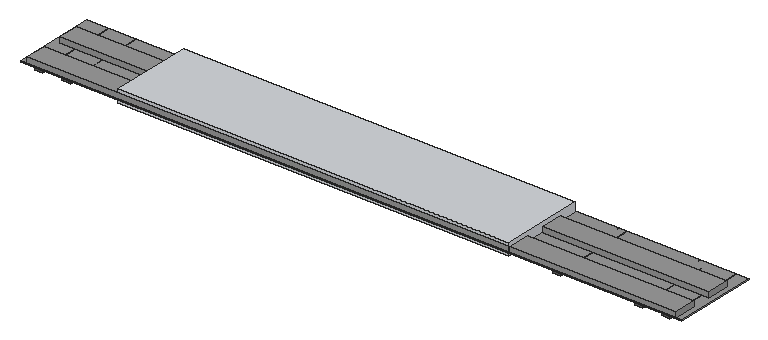
Revit family "2114-2, Solid", category Generic Models, host Face, Revit 2020
Family settings
  Host = Face
  Can host rebar = No
  Round Connector Dimension = Use Diameter
  Part Type = Normal
  Cut with Voids When Loaded = No
  Shared = No
  Room Calculation Point = No
Parameters
  min_value [instance] = 1' - 11 1/4"  # constant formula
  max_value [instance] = 11' - 11 1/4"  # constant formula
  actual_value [instance] = if(NET LENGTH < min_value, min_value, if(NET LENGTH > max_value, max_value, NET LENGTH))  # 7' - 11 1/4"
  SCRIM MATERIAL [instance] = SCRIM
  SCRIM [instance] = yes
  NET LENGTH [instance] = 7' - 11 1/4"
  Default Elevation = 4' - 0"
  BACKER MATERIAL [instance] = BLACK-BACKERS
  .. MEMBER WIDTH [instance] = 0' - 3 1/4"  # constant formula
  .. MEMBER MATERIAL [instance] = Solid Western Hemlock
  .. MEMBER LENGTH [instance] = actual_value  # 7' - 11 1/4"
  .. MEMBER DEPTH [instance] = 0' - 0 3/4"  # constant formula
  .. MEMBER COUNT [instance] = 2  # constant formula
  IMPORTANT NOTE!!!                                                                             *Backer layout is for visualization purposes only, final layout to be determined by 9Wood. [instance] = ""
Reference planes (in)
  plane 1 "Center (Front/Back)": y = 0
  plane 2: z = 1.82209
  plane 3 "Center (Left/Right)": x = 0
Forms (in)
  Extrusion 1, solid
    sketch origin (132, -33.80483, 0) x (1, 0, 0) y (0, 1, 0)
      loop
        line (-118.625, 33.80483) -> (-61.26146, 33.80483) -> (-61.26146, 45.86733) -> (-118.625, 45.86733) -> (-118.625, 33.80483)
    from 1.82209 to 0
Dimensions and locks (in)
  aligned and locked: Extrusion 1 to plane 2
  aligned and locked: plane 3 "Center (Left/Right)" to nested 1
Nested families (in)
  nested 1: "1100 SERIES CONFIG" at (0, 2, 0), .. MEMBER DEPTH <- ".. MEMBER DEPTH", .. MEMBER LENGTH <- ".. MEMBER LENGTH", .. MEMBER WIDTH <- ".. MEMBER WIDTH", .. MEMBER MATERIAL <- ".. MEMBER MATERIAL", BACKING M MATERIAL <- "BACKER MATERIAL", SCRIM  MATERIAL <- "SCRIM MATERIAL", .. MEMBER COUNT <- ".. MEMBER COUNT", SCRIM <- "SCRIM", type "1100 SERIES CONFIG"
    with X 7' - 8", SCRIM OVERHANG 2 0' - 0 3/32", SCRIM OVERHANG 0' - 0 7/8", SCRIM LENGTH 8' - 1", SCRIM  MATERIAL SCRIM, SCRIM yes, NOMINAL LENGTH 7, N 8, Inset 6' - 0 3/8", INSET 0' - 1", INDEX 0' - 5 5/8", HALF MEMBER WIDTH 0' - 1 5/8", HALF LENGTH 3' - 11 5/8", END BACKER yes, BACKING M WIDTH 0' - 1 1/4", BACKING M OC SPACING 1' - 0", BACKING M MATERIAL BLACK-BACKERS, BACKING M LENGTH 0' - 11 7/8", BACKING M DEPTH 0' - 0 1/2", BACKING M COUNT 8, 3/16" INSET 0' - 0 3/16", .. MEMBER WIDTH 0' - 3 1/4", .. MEMBER OC SPACING 0' - 6", .. MEMBER MATERIAL Solid Western Hemlock, .. MEMBER LENGTH 7' - 11 1/4", .. MEMBER DEPTH 0' - 0 3/4", .. MEMBER COUNT 2
Definition of nested family "1100 SERIES CONFIG"
  Parameters (values of type "1100 SERIES CONFIG")
    X [instance] = .. MEMBER LENGTH - 0' 3 1/4"  # 5' - 5"
    SCRIM OVERHANG 2 [instance] = 0' - 0 3/32"  # constant formula
    SCRIM OVERHANG [instance] = 0' - 0 7/8"  # constant formula
    SCRIM LENGTH [instance] = .. MEMBER LENGTH + (SCRIM OVERHANG * 2)  # 5' - 10"
    SCRIM  MATERIAL [instance] = none
    SCRIM [instance] = yes
    NOMINAL LENGTH [instance] = 7
    N [instance] = if((X - (rounddown(X / 1' 0") * 1' 0")) > 1' 0", rounddown(X / 1' 0") + 2, rounddown(X / 1' 0") + 1)  # 6
    Inset [instance] = 6' - 0 3/8"  # constant formula
    INSET [instance] = 0' - 1"  # constant formula
    END BACKER [instance] = INDEX > 0' 3 5/8"  # yes
    INDEX [instance] = (.. MEMBER LENGTH - ((N - 1) * 1' 0")) / 2  # 0' - 4 1/8"
    HALF MEMBER WIDTH [instance] = .. MEMBER WIDTH / 2  # 0' - 0 5/16"
    HALF LENGTH [instance] = .. MEMBER LENGTH / 2  # 2' - 10 1/8"
    Default Elevation = 0' - 0"
    BACKING M WIDTH [instance] = 0' - 1 1/4"
    BACKING M SPACING = 3' - 3"
    BACKING M MATERIAL [instance] = none
    BACKING M LENGTH [instance] = 0' - 11 7/8"
    BACKING M DEPTH [instance] = 0' - 0 1/2"
    BACKING M COUNT [instance] = N  # 6
    BACKING M OC SPACING [instance] = 1' - 0"  # constant formula
    3/16" INSET [instance] = 0' - 0 3/16"  # constant formula
    .. MEMBER WIDTH [instance] = 0' - 0 5/8"
    .. MEMBER OC SPACING [instance] = 1' 0" / .. MEMBER COUNT  # 0' - 4"
    .. MEMBER MATERIAL [instance] = none
    .. MEMBER LENGTH [instance] = 5' - 8 1/4"
    .. MEMBER DEPTH [instance] = 0' - 1 3/8"
    .. MEMBER COUNT [instance] = 3
  Reference planes (in)
    plane 1 "Center (Front/Back)": y = -2
    plane 2: z = 0
    plane 3 "Center (Left/Right)": x = 0
    plane 4: x = 1
    plane 5: x = 4.125
    plane 6: x = 34.125
    plane 7: x = 68.25
    plane 8: x = 67.25
    plane 9: x = 16.125
    plane 10: y = -1.8125
    plane 11: y = -1.6875
    plane 12: y = 2.3125
    plane 13: x = 69.125
    plane 14: x = -0.875
    plane 15: z = 0.5
    plane 16: z = 0.5625
    plane 17: y = 10.0625
    plane 18: y = 10.15625
    plane 19: y = -2.09375
  Dimensions and locks (in)
    "INSET": plane 3 "Center (Left/Right)" to plane 4
    "INDEX": plane 3 "Center (Left/Right)" to plane 5
    "HALF LENGTH": plane 3 "Center (Left/Right)" to plane 6
    ".. MEMBER LENGTH": plane 3 "Center (Left/Right)" to plane 7
    "INSET": plane 8 to plane 7
    equal spacing: group 2, group 3, group 6, group 7, group 8, group 9  (x3)
    "3/16" INSET": plane 1 "Center (Front/Back)" to plane 10
    ".. MEMBER OC SPACING": plane 12 to plane 11
    "SCRIM OVERHANG": plane 14 to plane 3 "Center (Left/Right)"
    "SCRIM OVERHANG": plane 7 to plane 13
    equal spacing: group 1, group 4, group 5  (x2)
    equal spacing: group 5, group 4, group 1
    "HALF MEMBER WIDTH": plane 1 "Center (Front/Back)" to plane 11
    "BACKING M OC SPACING": plane 5 to plane 9
    "SCRIM OVERHANG 2": plane 18 to plane 17
    "SCRIM OVERHANG 2": plane 19 to plane 1 "Center (Front/Back)"
    aligned and locked: level to plane 2
    aligned and locked: plane 6 to nested 1
    aligned and locked: nested 2 to plane 4
    aligned and locked: plane 5 to nested 3
    aligned and locked: plane 1 "Center (Front/Back)" to nested 1
    aligned and locked: nested 2 to plane 10
    aligned and locked: nested 3 to plane 10
    aligned and locked: nested 5 to plane 10
    aligned and locked: nested 4 to plane 10
    aligned and locked: nested 6 to plane 14
    aligned and locked: plane 12 to nested 7
    aligned and locked: nested 7 to plane 3 "Center (Left/Right)"
    aligned and locked: plane 9 to nested 5
    aligned and locked: plane 8 to nested 4
    aligned and locked: plane 15 to nested 2
    aligned and locked: nested 6 to plane 15
    aligned and locked: nested 1 to plane 16
    aligned and locked: nested 7 to plane 16
    aligned and locked: nested 6 to plane 19
  Nested families (in)
    nested 1: "INSTANCE - Parametric Cube" at (34.125, -1.6875, 1.9375), Length <- ".. MEMBER WIDTH", Height <- ".. MEMBER DEPTH", Width <- ".. MEMBER LENGTH", Material <- ".. MEMBER MATERIAL", type "INSTANCE - Parametric Cube"
      with Width 5' - 8 1/4", Material none, Length 0' - 0 5/8", Height 0' - 1 3/8"
    nested 2: "2ND INSTANCE - Parametric Cube" at (1.625, 4.125, 0), Height <- "BACKING M DEPTH", Length <- "BACKING M LENGTH", Width <- "BACKING M WIDTH", Material <- "BACKING M MATERIAL", visible <- "END BACKER", type "2ND INSTANCE - Parametric Cube"
      with Width 0' - 1 1/4", Material none, Length 0' - 11 7/8", Height 0' - 0 1/2"
    nested 3: "2ND INSTANCE - Parametric Cube" at (4.125, 4.125, 0), Length <- "BACKING M LENGTH", Height <- "BACKING M DEPTH", Width <- "BACKING M WIDTH", Material <- "BACKING M MATERIAL", type "2ND INSTANCE - Parametric Cube"
      with Width 0' - 1 1/4", Material none, Length 0' - 11 7/8", Height 0' - 0 1/2"
    nested 4: "2ND INSTANCE - Parametric Cube" at (66.625, 4.125, 0), Width <- "BACKING M WIDTH", Length <- "BACKING M LENGTH", Height <- "BACKING M DEPTH", Material <- "BACKING M MATERIAL", visible <- "END BACKER", type "2ND INSTANCE - Parametric Cube"
      with Width 0' - 1 1/4", Material none, Length 0' - 11 7/8", Height 0' - 0 1/2"
    nested 5: "2ND INSTANCE - Parametric Cube" at (16.125, 4.125, 0), Length <- "BACKING M LENGTH", Height <- "BACKING M DEPTH", Width <- "BACKING M WIDTH", Material <- "BACKING M MATERIAL", type "2ND INSTANCE - Parametric Cube"
      with Width 0' - 1 1/4", Material none, Length 0' - 11 7/8", Height 0' - 0 1/2"
    nested 6: "3RD INSTANCE - Parametric Cube" at (34.125, 4.0445, 0.5), Width <- "SCRIM LENGTH", Material <- "SCRIM  MATERIAL", visible <- "SCRIM", type "3RD INSTANCE - Parametric Cube"
      with Width 5' - 10", Material none, Length 1' - 0.27649", Height 0' - 0 1/16"
    nested 7: "INSTANCE - Parametric Cube" at (34.125, 2.3125, 1.9375), Length <- ".. MEMBER WIDTH", Height <- ".. MEMBER DEPTH", Width <- ".. MEMBER LENGTH", Material <- ".. MEMBER MATERIAL", type "INSTANCE - Parametric Cube"
      with Width 5' - 8 1/4", Material none, Length 0' - 0 5/8", Height 0' - 1 3/8"
    nested 8: "INSTANCE - Parametric Cube" at (34.125, 6.3125, 1.9375), Length <- ".. MEMBER WIDTH", Height <- ".. MEMBER DEPTH", Width <- ".. MEMBER LENGTH", Material <- ".. MEMBER MATERIAL", type "INSTANCE - Parametric Cube"
      with Width 5' - 8 1/4", Material none, Length 0' - 0 5/8", Height 0' - 1 3/8"
    nested 9: "2ND INSTANCE - Parametric Cube" at (28.125, 4.125, 0), Length <- "BACKING M LENGTH", Height <- "BACKING M DEPTH", Width <- "BACKING M WIDTH", Material <- "BACKING M MATERIAL", type "2ND INSTANCE - Parametric Cube"
      with Width 0' - 1 1/4", Material none, Length 0' - 11 7/8", Height 0' - 0 1/2"
    nested 10: "2ND INSTANCE - Parametric Cube" at (40.125, 4.125, 0), Length <- "BACKING M LENGTH", Height <- "BACKING M DEPTH", Width <- "BACKING M WIDTH", Material <- "BACKING M MATERIAL", type "2ND INSTANCE - Parametric Cube"
      with Width 0' - 1 1/4", Material none, Length 0' - 11 7/8", Height 0' - 0 1/2"
    nested 11: "2ND INSTANCE - Parametric Cube" at (52.125, 4.125, 0), Length <- "BACKING M LENGTH", Height <- "BACKING M DEPTH", Width <- "BACKING M WIDTH", Material <- "BACKING M MATERIAL", type "2ND INSTANCE - Parametric Cube"
      with Width 0' - 1 1/4", Material none, Length 0' - 11 7/8", Height 0' - 0 1/2"
    nested 12: "2ND INSTANCE - Parametric Cube" at (64.125, 4.125, 0), Length <- "BACKING M LENGTH", Height <- "BACKING M DEPTH", Width <- "BACKING M WIDTH", Material <- "BACKING M MATERIAL", type "2ND INSTANCE - Parametric Cube"
      with Width 0' - 1 1/4", Material none, Length 0' - 11 7/8", Height 0' - 0 1/2"
  Definition of nested family "INSTANCE - Parametric Cube"
    Parameters (values of type "INSTANCE - Parametric Cube")
      Width [instance] = 0' - 6"
      Material [instance] = none
      Length [instance] = 1' - 0"
      Height [instance] = 1' - 6"
      Default Elevation = 0' - 0"
    Reference planes (in)
      plane 1 "Center (Front/Back)": y = 0
      plane 2: z = 0
      plane 3 "Center (Left/Right)": x = 0
      plane 4: x = -3
      plane 5: x = 3
      plane 6: y = 6
      plane 7: y = -6
      plane 8: z = -18
    Forms (in)
      Extrusion 1, solid, material <- "Material"
        sketch origin (0, 0, 0) x (1, 0, 0) y (0, 1, 0)
          loop
            line (-3, 6) -> (-3, -6) -> (3, -6) -> (3, 6) -> (-3, 6)
        from -18 to 0
    Dimensions and locks (in)
      equal spacing: plane 4, plane 3 "Center (Left/Right)", plane 5
      equal spacing: plane 6, plane 1 "Center (Front/Back)", plane 7
      "Length": plane 6 to plane 7
      "Width": plane 4 to plane 5
      "Height": plane 8 to level
      aligned and locked: plane 2 to level
      aligned and locked: Extrusion 1 sketch curve to plane 6
      aligned and locked: plane 4 to Extrusion 1 sketch curve
      aligned and locked: plane 7 to Extrusion 1 sketch curve
      aligned and locked: Extrusion 1 sketch curve to plane 5
      aligned and locked: Extrusion 1 to plane 8
  Definition of nested family "2ND INSTANCE - Parametric Cube"
    Parameters (values of type "2ND INSTANCE - Parametric Cube")
      Width [instance] = 0' - 6"
      Material [instance] = none
      Length [instance] = 1' - 0"
      Height [instance] = 1' - 6"
      Default Elevation = 0' - 0"
    Reference planes (in)
      plane 1 "Center (Front/Back)": y = 0
      plane 2: z = 0
      plane 3 "Center (Left/Right)": x = 0
      plane 4: x = -3
      plane 5: x = 3
      plane 6: y = 6
      plane 7: y = -6
      plane 8: z = 18
    Forms (in)
      Extrusion 1, solid, material <- "Material"
        sketch origin (0, 0, 0) x (1, 0, 0) y (0, 1, 0)
          loop
            line (-3, 6) -> (-3, -6) -> (3, -6) -> (3, 6) -> (-3, 6)
        from 0 to 18
    Dimensions and locks (in)
      equal spacing: plane 4, plane 3 "Center (Left/Right)", plane 5
      equal spacing: plane 6, plane 1 "Center (Front/Back)", plane 7
      "Length": plane 6 to plane 7
      "Width": plane 4 to plane 5
      "Height": level to plane 8
      aligned and locked: plane 2 to level
      aligned and locked: Extrusion 1 sketch curve to plane 6
      aligned and locked: plane 4 to Extrusion 1 sketch curve
      aligned and locked: plane 7 to Extrusion 1 sketch curve
      aligned and locked: Extrusion 1 sketch curve to plane 5
      aligned and locked: plane 8 to Extrusion 1
      aligned and locked: Extrusion 1 to level
  Definition of nested family "3RD INSTANCE - Parametric Cube"
    Parameters (values of type "3RD INSTANCE - Parametric Cube")
      Width [instance] = 0' - 6"
      Material [instance] = none
      Length [instance] = 1' - 0"
      Height [instance] = 1' - 6"
      Default Elevation = 0' - 0"
    Reference planes (in)
      plane 1 "Center (Front/Back)": y = 0
      plane 2: z = 0
      plane 3 "Center (Left/Right)": x = 0
      plane 4: x = -3
      plane 5: x = 3
      plane 6: y = 6
      plane 7: y = -6
      plane 8: z = 18
    Forms (in)
      Extrusion 1, solid, material <- "Material"
        sketch origin (0, 0, 0) x (1, 0, 0) y (0, 1, 0)
          loop
            line (-3, 6) -> (-3, -6) -> (3, -6) -> (3, 6) -> (-3, 6)
        from 0 to 18
    Dimensions and locks (in)
      equal spacing: plane 4, plane 3 "Center (Left/Right)", plane 5
      equal spacing: plane 6, plane 1 "Center (Front/Back)", plane 7
      "Length": plane 6 to plane 7
      "Width": plane 4 to plane 5
      "Height": level to plane 8
      aligned and locked: plane 2 to level
      aligned and locked: Extrusion 1 sketch curve to plane 6
      aligned and locked: plane 4 to Extrusion 1 sketch curve
      aligned and locked: plane 7 to Extrusion 1 sketch curve
      aligned and locked: Extrusion 1 sketch curve to plane 5
      aligned and locked: plane 8 to Extrusion 1
      aligned and locked: Extrusion 1 to level
